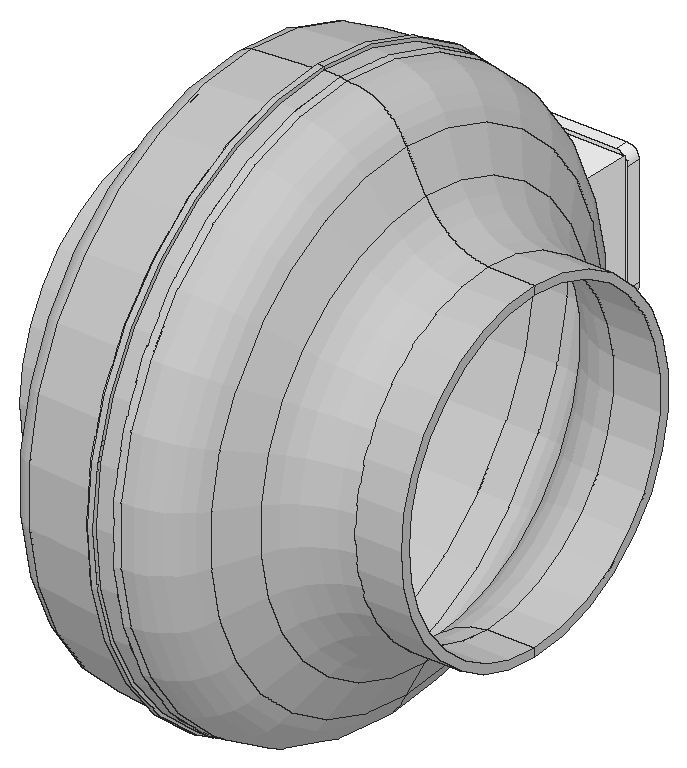
Revit family "CK 200 B ErP AC_7000057", category Mechanical Equipment, Revit 2014
Parameters (values of type "CK 200 B ErP AC")
  Wiring diagram = "4040001"
  Weight = 4.90 kg
  Voltage range = "220-240 / 50/60 V/Hz"
  Voltage = 230 V
  Speed = "2750 rpm"
  Sound pressure level at 3 m = "45 dB(A)"
  Power = 145 W
  Phase = 1
  Max. temperature of transported air when speed controlled = 60 °C
  Max. temperature of transported air = 60 °C
  Main Material = Steel, Galvanized
  Frequency = 50 Hz
  Elevation [instance] = 2772.5 mm
  Diameter = 199 mm
  Current = 0.63 A
  Capacitor = "5 μF"
Reference planes
  plane 1 "Center (Front/Back)": y = 0
  plane 2: z = 0
  plane 3 "Center (Left/Right)": x = 0
  plane 4: z = 2772.5
Dimensions and locks
  "Elevation": plane 4 to plane 2
  aligned and locked: level to plane 2
  aligned and locked: plane 3 "Center (Left/Right)" to nested 1
  aligned and locked: plane 1 "Center (Front/Back)" to nested 1
  aligned and locked: nested 1 to plane 4
  aligned and locked: plane 1 "Center (Front/Back)" to nested 2
  aligned and locked: plane 3 "Center (Left/Right)" to nested 2
Nested families
  nested 1: "CK 200 A AC_CK 200 B ErP AC_CK 200 A EC_CK 200 B EC_geometry" at (0, 0, 2600), type "CK 200 A AC_CK 200 B ErP AC_CK 200 A EC_CK 200 B EC_geometry"
  nested 2: "Flow direction symbol" at (0, 0, 0), type "Flow direction symbol"
Connectors
  hvac at (-114, 0, 2772.5), driven by "Diameter"
    settings: on nested 1, index 1, duct flow 0.0 L/s, flow factor 0, pres drop 0.0 Pa, loss coef 0, conn angle 0.00°, conn width 304.8 mm, conn height 304.8 mm, conn diameter 199 mm, duct sys type 1, conn prof type 0, flow config 0, flow direction 1, loss method 0, conn ref index -1, conn util no, is conn primary yes, conn desc ""
  hvac at (114, 0, 2772.5), driven by "Diameter"
    settings: on nested 1, index 2, duct flow 0.0 L/s, flow factor 0, pres drop 0.0 Pa, loss coef 0, conn angle 0.00°, conn width 304.8 mm, conn height 304.8 mm, conn diameter 199 mm, duct sys type 3, conn prof type 0, flow config 0, flow direction 2, loss method 0, conn ref index -1, conn util no, is conn primary no, conn desc ""
  electrical at (-41.002, 213.31, 2773.759), driven by "Phase", driven by "Voltage"
    settings: on nested 1, index 3, voltage 230 V, apparent load 0 VA, apparent load phase1 0 VA, apparent load phase2 0 VA, apparent load phase3 0 VA, power factor 1, load classification "Other", number of poles 1, system type 31, power factor state 1, is connector primary yes, connector utility no, sub classification motor no, connector description ""
Definition of nested family "CK 200 A AC_CK 200 B ErP AC_CK 200 A EC_CK 200 B EC_geometry"
  Parameters (values of type "CK 200 A AC_CK 200 B ErP AC_CK 200 A EC_CK 200 B EC_geometry")
    Main Material = Steel, Galvanized
  Reference planes
    plane 1 "Center (Front/Back)": y = 0
    plane 2: z = 0
    plane 3 "Center (Left/Right)": x = 0
    plane 4: z = 172.5
    plane 5: y = 213.31
    plane 6: y = 172.5
    plane 7: y = -172.5
    plane 8: x = -114
    plane 9: x = 114
    plane 10: z = 345
  Forms (mm)
    Revolve 1, solid, material "Steel, Galvanized" <- "Main Material", detail levels coarse
      sketch origin (0, 0, 0) x (1, 0, 0) y (0, 0, 1)
        loop
          line (-114, 172.5) -> (-114, 73) -> (-84, 73)
          arc (-84, 73) -> (-80.275, 71.617) -> (-78.355, 68.138) r 5.708
          line (-78.355, 68.138) -> (-69.37, 21.916)
          arc (-69.37, 21.916) -> (-64.559, 12.07) -> (-55.46, 5.963) r 21.11
          arc (-55.46, 5.963) -> (-35.501, 2.961) -> (-15.481, 0.401) r 915.775
          arc (-15.481, 0.401) -> (-8.934, 0.051) -> (-2.396, 0.525) r 52.168
          arc (-2.396, 0.525) -> (11.553, 3.79) -> (24.64, 9.619) r 75.85
          arc (24.64, 9.619) -> (30.539, 14.005) -> (35.163, 19.721) r 29.321
          arc (35.163, 19.721) -> (41.654, 31.255) -> (47.159, 43.292) r 158.269
          arc (47.159, 43.292) -> (62.566, 63.44) -> (86.059, 73) r 48.289
          line (86.059, 73) -> (114, 73) -> (114, 172.5) -> (-114, 172.5)
        axis (-114, 172.5) -> (114, 172.5)
      angle from 0 to 360
    Extrusion 2, solid, material "Plastic", detail levels medium+fine
      sketch origin (2.5, 53.648, 51.25) x (1, 0, 0) y (0, 0, 1)
        loop
          line (-4.004, 163.259) -> (-83, 163.259)
          arc (-83, 163.259) -> (-87.95, 161.209) -> (-90, 156.259) r 7
          line (-90, 156.259) -> (-90, 90.259)
          arc (-90, 90.259) -> (-87.071, 83.188) -> (-80, 80.259) r 10
          line (-80, 80.259) -> (-7.004, 80.259)
          arc (-7.004, 80.259) -> (0.067, 83.188) -> (2.996, 90.259) r 10
          line (2.996, 90.259) -> (2.996, 156.259)
          arc (2.996, 156.259) -> (0.945, 161.209) -> (-4.004, 163.259) r 7
      from -159.662 to -151.628
    Extrusion 3, solid, material "Plastic", detail levels medium+fine
      sketch origin (2.5, 53.648, 51.25) x (0, 1, 0) y (0, 0, 1)
        loop
          line (118.852, 161.259) -> (118.852, 81.741) -> (151.628, 81.741) -> (151.628, 161.259) -> (118.852, 161.259)
      from -88 to 1
    Revolve 4, solid, material "Steel, Galvanized" <- "Main Material", detail levels medium+fine
      sketch origin (0, 0, 0) x (1, 0, 0) y (0, 0, 1)
        loop
          line (114, 172.5) -> (-114, 172.5) -> (-114, 73) -> (-85.704, 73)
          arc (-85.704, 73) -> (-80.507, 70.847) -> (-78.355, 65.65) r 7.35
          line (-78.355, 65.65) -> (-71.444, 30.098)
          arc (-71.444, 30.098) -> (-69.975, 23.62) -> (-68.107, 17.245) r 107.063
          arc (-68.107, 17.245) -> (-63.303, 9.901) -> (-55.46, 5.963) r 16.87
          line (-55.46, 5.963) -> (-17.973, 2.683) -> (-15.481, 2.683) -> (-15.481, 0) -> (-11.992, 0) -> (-11.992, 1.821) -> (-1.992, 1.821) -> (1.763, 2.827)
          arc (1.763, 2.827) -> (23.138, 8.85) -> (37.335, 25.928) r 37.415
          line (37.335, 25.928) -> (49.071, 48.002)
          arc (49.071, 48.002) -> (64.455, 65.103) -> (86.059, 73) r 47.629
          line (86.059, 73) -> (114, 73) -> (114, 172.5)
        axis (114, 172.5) -> (-114, 172.5)
      angle from 0 to 360
    Revolve 5, void
      sketch origin (0, 0, 0) x (1, 0, 0) y (0, 0, 1)
        loop
          line (114, 172.5) -> (-114, 172.5) -> (-114, 78) -> (-85.704, 78)
          arc (-85.704, 78) -> (-77.166, 74.573) -> (-73.367, 66.193) r 12.35
          line (-73.367, 66.193) -> (-66.536, 31.052)
          arc (-66.536, 31.052) -> (-65.135, 24.877) -> (-63.355, 18.8) r 102.063
          arc (-63.355, 18.8) -> (-60.072, 13.72) -> (-54.712, 10.917) r 11.87
          line (-54.712, 10.917) -> (-17.537, 7.664) -> (1.896, 7.826)
          arc (1.896, 7.826) -> (20.513, 13.107) -> (32.802, 28.055) r 32.415
          line (32.802, 28.055) -> (44.657, 50.349)
          arc (44.657, 50.349) -> (61.769, 69.322) -> (85.799, 78) r 52.629
          line (85.799, 78) -> (114, 78) -> (114, 172.5)
        axis (114, 172.5) -> (-114, 172.5)
      angle from 0 to 360
  Cuts and joins
    Revolve 5 cuts Revolve 4
  Dimensions and locks
    aligned and locked: level to plane 2
Definition of nested family "Flow direction symbol"
  Parameters (values of type "Flow direction symbol")
    Warning = "!"
    Text = "DIMENSIONS OVERCONSTRAINT"
  Reference planes
    plane 1: y = 0
    plane 2: x = 0
  Lines and regions (mm)
    detail lines
      curve 1: line (-0.506, 0.877, 0) -> (-0.506, -0.877, 0)
      curve 2: line (1.012, 0, 0) -> (-0.506, -0.877, 0)
      curve 3: line (-0.506, 0.877, 0) -> (1.012, 0, 0)
      curve 4: circle (0, 0, 0) r 1 normal (0, 0, 1)
